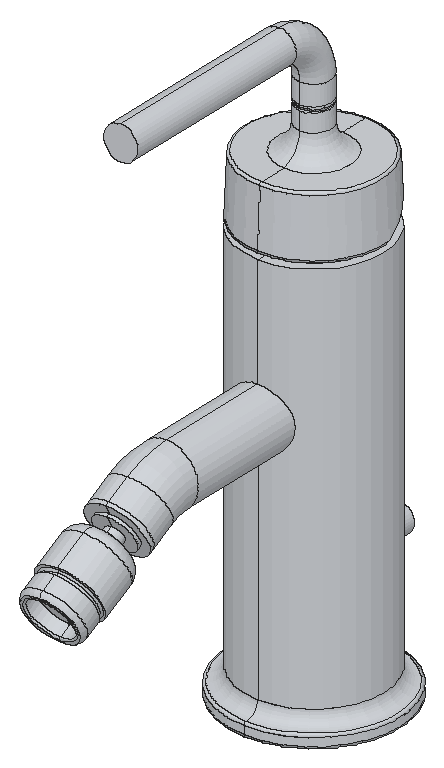
Revit family "Faucet-Bidet-KOHLER-Purist-K-14434BR", category Plumbing Fixtures, host Face, Revit 2017
Family settings
  Host = Face
  Round Connector Dimension = Use Diameter
  Part Type = Normal
  OmniClass Number = 23.31.11.00
  OmniClass Title = Faucets
  Cut with Voids When Loaded = No
  Shared = No
  Room Calculation Point = No
Parameters (values of type "CP-Polished Chrome")
  Width = 2 1/4"  # constant formula
  WaterSense Certified = 1 = 0  # no
  Waste Water Outlet = "Waste Water Outlet"  # constant formula
  Waste Connection = 1 = 0  # no
  Vent Connection = 1 = 0  # no
  URL = "https://br.kohler.com/"
  Type = 1
  Spout Reach = 4 1/4"  # constant formula
  Product Page URL = "https://br.kohler.com/product-detail/14434br-4a?skuid=K-14434BR-4A-CP"
  Product Name = "Purist"  # constant formula
  Product Documentation Link = ""
  Pressure = 0.00 psi
  Model = "K-14434BR-4A-CP"  # constant formula
  Material = "Premium Metal Construction"  # constant formula
  Master Format 2014 = "22.41.39"  # constant formula
  Master Format 2014 Name = "Residential Faucets, Supplies, and Trim"  # constant formula
  Manufacturer Address = "Rio de Janeiro MULTIREPAROS RUA BATISTA DA COSTA, Nº 352 | STORE B Rio de Janeiro SÃO GONÇALO\n24450-470"  # constant formula
  Manufacturer = "KOHLER Co."  # constant formula
  Length = Spout Reach  # 4 1/4"
  Hot Water Inlet = "Hot Water Inlet"  # constant formula
  Height = 8"  # constant formula
  Handle Clearance = 3 1/8"  # constant formula
  HW Connection = 1 = 1  # yes
  Flow Rate = 0 GPM
  Finish = Kohler-Metal-CP-Polished_Chrome
  Environmental Product Declaration = ""
  Drain Included = 1 = 1  # yes
  Description = "Bidet mixer tap"  # constant formula
  Default Elevation = 36"
  Declare Label = ""
  Date Modified = "09/15/2020"  # constant formula
  Date Created = "09/15/2020"  # constant formula
  Copyright = "Copyright KOHLER Co."  # constant formula
  Contact Us = "https://br.kohler.com/asr-listing"
  Cold Water Inlet = "Cold Water Inlet"  # constant formula
  CW Connection = 1 = 1  # yes
  Assembly Code = "D2010"
  ADA Compliant = 1 = 0  # no
Reference planes (in)
  plane 1 "Center (Front/Back)": y = 0
  plane 2: z = 0
  plane 3 "Center (Left/Right)": x = 0
  plane 4: y = -1.0625
  plane 5: y = 1.06195
  plane 6: x = -1.125
  plane 7: x = 1.125
  plane 8: z = 2.375
  plane 9: y = -4.25
  plane 10: z = 8
  plane 11: y = -3.125
  plane 12: y = 1.39
  plane 13: y = 1.125
  plane 14: y = -4.44219
  plane 15: z = 0.17048
  plane 16: x = -0.91003
  plane 17: x = 0.91003
  plane 18: z = 6.32845
  plane 19: y = -1.125
  plane 20: y = 0.91051
  plane 21: y = -0.91051
  plane 22: z = 3.199
  plane 23: z = 4.011
  plane 24: z = 5.45506
  plane 25: x = -0.33336
  plane 26: x = 0.33336
Dimensions and locks (in)
  "Width": plane 6 to plane 7
  "Length": plane 9 to plane 1 "Center (Front/Back)"
  level to plane 8 = 2 3/8"
  "Height": plane 10 to level
  "Handle Clearance": plane 1 "Center (Front/Back)" to plane 11
  "Spout Reach": plane 1 "Center (Front/Back)" to plane 9
  aligned and locked: plane 2 to host face
  aligned and locked: level to host face
Automatic sketch dimensions
  host sketch curve to host sketch curve = 96"  (x2)
Nested families (in)
  nested 1: "K-14434BR" at (0, 0, 0), type "K-14434BR"
Connectors (in)
  piping at (-0.33336, 0, 0), diameter 0.5, driven by "Flow Rate", driven by "Pressure", driven by "HW Connection", driven by "Hot Water Inlet"
    settings: on nested 1, index 1, connector inside diameter 24", connector length 0", flow factor 0, pipe flow 0 GPM, pressure drop 0.00 psi, fitting loss kfactor 0, connector angle 0.00°, fixture units 0, engagement length 0", angle of deflection 0.00°, flow configuration 0, flow direction 1, fitting loss method 0, system type 19, joint type 0, gender type 0, connector reference index -1, connector utility 1, adjustable connector no, is connector primary yes, connector description "Hot Water Inlet"
  piping at (0.33336, 0, 0), diameter 0.5, driven by "Cold Water Inlet", driven by "CW Connection", driven by "Flow Rate"
    settings: on nested 1, index 2, connector inside diameter 24", connector length 0", flow factor 0, pipe flow 0 GPM, pressure drop 0.00 psi, fitting loss kfactor 0, connector angle 0.00°, fixture units 0, engagement length 0", angle of deflection 0.00°, flow configuration 0, flow direction 1, fitting loss method 0, system type 20, joint type 0, gender type 0, connector reference index -1, connector utility 1, adjustable connector no, is connector primary no, connector description "Cold Water Inlet"
Definition of nested family "K-14434BR"
  Parameters (values of type "K-14434BR")
    Material = none
  Reference planes (in)
    plane 1 "Center (Front/Back)": y = 0
    plane 2: z = 0
    plane 3 "Center (Left/Right)": x = 0
    plane 4: y = 1.125
    plane 5: x = 1.125
    plane 6: x = -1.125
    plane 7: y = -1.125
    plane 8: y = -4.25
    plane 9: z = 2.375
    plane 10: z = 8
    plane 11: z = 2.70239
    plane 12: y = 1.39
    plane 13: y = -3.0625
    plane 14: x = -0.33336
    plane 15: y = 0.25
    plane 16: y = -0.25
    plane 17: x = 0.58336
    plane 18: x = 0.08336
    plane 19: x = -0.58336
    plane 20: x = -0.08336
  Forms (in)
    Revolve 1, solid, material <- "Material", detail levels medium+fine
      sketch origin (0, 0, 0) x (0, 1, 0) y (0, 0, 1)
        loop
          line (0, 5.785) -> (0, 0) -> (1.09375, 0)
          arc (1.09375, 0) -> (1.11585, 0.00915) -> (1.125, 0.03125) r 0.03125
          line (1.125, 0.03125) -> (1.125, 0.13874)
          arc (1.125, 0.13874) -> (1.11534, 0.16154) -> (1.09225, 0.17048) r 0.03176
          arc (1.09225, 0.17048) -> (0.96373, 0.22022) -> (0.91, 0.34712) r 0.17672
          line (0.91, 0.34712) -> (0.91, 5.455) -> (0.7776, 5.455)
          arc (0.7776, 5.455) -> (0.73342, 5.4733) -> (0.71512, 5.51747) r 0.06247
          line (0.71512, 5.51747) -> (0.71512, 5.77456) -> (0.68098, 5.785) -> (0, 5.785)
        axis (0, 5.785) -> (0, 0)
      angle from 0 to 360
    Revolve 2, solid, material <- "Material", detail levels medium+fine
      sketch origin (0, 0, 0) x (0, 1, 0) y (0, 0, 1)
        loop
          line (-0.88021, 5.52346) -> (0, 5.52346) -> (0, 6.95624) -> (-0.21977, 6.95624) -> (-0.21977, 6.92457)
          arc (-0.21977, 6.92457) -> (-0.21372, 6.90977) -> (-0.19903, 6.90346) r 0.02111
          arc (-0.19903, 6.90346) -> (-0.21348, 6.89779) -> (-0.21972, 6.88357) r 0.02034
          line (-0.21972, 6.88357) -> (-0.22473, 6.65683)
          arc (-0.22473, 6.65683) -> (-0.29611, 6.45225) -> (-0.47398, 6.32851) r 0.35115
          line (-0.47398, 6.32851) -> (-0.85016, 6.32851)
          arc (-0.85016, 6.32851) -> (-0.87263, 6.31943) -> (-0.88248, 6.2973) r 0.03234
          line (-0.88248, 6.2973) -> (-0.90848, 5.55274)
          arc (-0.90848, 5.55274) -> (-0.90056, 5.5321) -> (-0.88021, 5.52346) r 0.02829
        axis (0, 6.95624) -> (0, 5.52346)
      angle from 0 to 360
    Sweep 3, solid, material <- "Material", detail levels medium+fine
      path origin (0, 0.13592, 0) x (0, 1, 0) y (0, 0, 1)
        loop
          line (-0.13592, 6.95624) -> (-0.13592, 7.21886)
          arc (-0.13592, 7.21886) -> (-0.30067, 7.6166) -> (-0.69842, 7.78136) r 0.5625
          line (-0.69842, 7.78136) -> (-3.26092, 7.78136)
      profile origin (0, 0, 7.08755) x (0, -1, 0) y (1, 0, 0)
        loop
          circle (0, 0) r 0.21977
    Revolve 4, solid, material <- "Material", detail levels medium+fine
      sketch origin (0, 0, 0) x (0, 1, 0) y (0, 0, 1)
        loop
          line (0.18545, 1.453) -> (1.33993, 1.453)
          arc (1.33993, 1.453) -> (1.35285, 1.53104) -> (1.39, 1.60088) r 0.2446
          line (1.39, 1.60088) -> (1.39, 1.6405) -> (0.18545, 1.6405) -> (0.18545, 1.453)
        axis (1.39, 1.453) -> (0.18545, 1.453)
      angle from 0 to 360
    Revolve 5, solid, material <- "Material", detail levels medium+fine
      sketch origin (0, 0, 0) x (0, 1, 0) y (0, 0, 1)
        loop
          line (-4.09395, 2.83577) -> (-3.128, 3.33861) -> (-3.31547, 3.69874) -> (-3.36869, 3.67103) -> (-3.31109, 3.56038) -> (-3.35267, 3.53873) -> (-3.28004, 3.39922) -> (-3.36211, 3.3565) -> (-3.39926, 3.36808) -> (-3.41408, 3.39655) -> (-3.46133, 3.40068) -> (-3.48101, 3.4385)
          arc (-3.48101, 3.4385) -> (-3.59, 3.52996) -> (-3.73173, 3.51756) r 0.18589
          line (-3.73173, 3.51756) -> (-4.14873, 3.30048) -> (-4.13187, 3.26811) -> (-4.14037, 3.23284) -> (-4.18183, 3.20381) -> (-4.19751, 3.23394) -> (-4.38263, 3.13757)
          arc (-4.38263, 3.13757) -> (-4.41838, 3.10972) -> (-4.44187, 3.07096) r 0.1252
          line (-4.44187, 3.07096) -> (-4.42501, 3.03859)
          arc (-4.42501, 3.03859) -> (-4.41291, 3.02843) -> (-4.39718, 3.02981) r 0.02064
          line (-4.39718, 3.02981) -> (-4.23808, 3.11263) -> (-4.09395, 2.83577)
        axis (-3.128, 3.33861) -> (-4.27136, 2.74342)
      angle from 0 to 360
    Sweep 6, solid, material <- "Material", detail levels medium+fine
      path origin (0, 0, 0) x (0, 1, 0) y (0, 0, 1)
        loop
          line (-0.725, 3.605) -> (-2.38622, 3.605)
          arc (-2.38622, 3.605) -> (-2.60968, 3.57806) -> (-2.82033, 3.49877) r 0.94015
          line (-2.82033, 3.49877) -> (-3.128, 3.33861)
      profile origin (0, -2.97416, 3.41869) x (0, -0.461749, 0.887011) y (1, 0, 0)
        loop
          circle (0, 0) r 0.406
    Revolve 7, solid, material <- "Material", detail levels medium+fine
      sketch origin (0, 0, 0) x (0, 1, 0) y (0, 0, 1)
        loop
          line (0.49373, 6.10346) -> (0.91478, 6.10346)
          arc (0.91478, 6.10346) -> (0.91055, 6.18051) -> (0.89778, 6.25661) r 0.69394
          arc (0.89778, 6.25661) -> (0.87367, 6.27379) -> (0.85394, 6.25173) r 0.02219
          line (0.85394, 6.25173) -> (0.85394, 6.21276) -> (0.49373, 6.21276) -> (0.49373, 6.10346)
        axis (0.91478, 6.10346) -> (0.49373, 6.10346)
      angle from 0 to 360
    Extrusion 8, void
      sketch origin (0, 0, 0) x (1, 0, 0) y (0, 0, 1)
        loop
          circle (0.00004, 6.10377) r 0.18133
        loop
          line (0.203, 1.45135) -> (0.203, 3.17132)
          arc (0.203, 3.17132) -> (0, 3.37432) -> (-0.203, 3.17132) r 0.203
          line (-0.203, 3.17132) -> (-0.203, 1.45135)
          arc (-0.203, 1.45135) -> (0, 1.24835) -> (0.203, 1.45135) r 0.203
      from -0.97642 to -0.4265
    Extrusion 9, void
      sketch origin (0, 0, 0) x (0, 1, 0) y (0, 0, 1)
        loop
          line (0.95087, 5.81346) -> (0.68334, 5.81346)
          arc (0.68334, 5.81346) -> (0.65205, 5.81018) -> (0.62213, 5.80045) r 0.15048
          line (0.62213, 5.80045) -> (-0.15377, 5.455) -> (0.95087, 5.455) -> (0.95087, 5.81346)
      from -1.1027 to 0.96308
    Revolve 10, solid, material <- "Material", detail levels coarse
      sketch origin (0, 0, 0) x (0, 1, 0) y (0, 0, 1)
        loop
          line (0, 6.32851) -> (0, 0) -> (1.125, 0) -> (1.125, 0.17054) -> (0.91, 0.17054) -> (0.91, 6.32851) -> (0, 6.32851)
        axis (0, 6.32851) -> (0, 0)
      angle from 0 to 360
    Revolve 11, solid, material <- "Material", detail levels coarse
      sketch origin (0, 0, 0) x (0, 1, 0) y (0, 0, 1)
        loop
          line (1.39, 1.453) -> (1.39, 1.6405) -> (0.56041, 1.6405) -> (0.56041, 1.453) -> (1.39, 1.453)
        axis (1.39, 1.453) -> (0.56041, 1.453)
      angle from 0 to 360
    Sweep 12, solid, material <- "Material", detail levels coarse
      path origin (0, 0, 0) x (0, 1, 0) y (0, 0, 1)
        loop
          line (-4.27136, 2.74342) -> (-2.88098, 3.4672)
          arc (-2.88098, 3.4672) -> (-2.62349, 3.56411) -> (-2.35036, 3.59704) r 1.14915
          line (-2.35036, 3.59704) -> (-0.49203, 3.59704)
      profile origin (0, -2.35036, 3.59704) x (0, 0, -1) y (1, 0, 0)
        loop
          circle (0, 0) r 0.40592
    Sweep 13, solid, material <- "Material", detail levels coarse
      path origin (0, 0, 0) x (0, 1, 0) y (0, 0, 1)
        loop
          line (-3.11408, 7.78023) -> (0, 7.78023) -> (0, 6.32851)
      profile origin (0, -1.55704, 7.78023) x (0, 0, 1) y (1, 0, 0)
        loop
          circle (0, 0) r 0.21987
    Extrusion 14, solid, material <- "Material", detail levels medium+fine
      sketch origin (0, 0, 0) x (1, 0, 0) y (0, 1, 0)
        loop
          circle (-0.33336, 0) r 0.25
        loop
          circle (0.33336, 0) r 0.25
      from 0 to 0.03848
  Cuts and joins
    Extrusion 8 cuts Revolve 1
    Extrusion 8, Extrusion 9 cuts Revolve 2
    joined: Revolve 1, Revolve 2, Sweep 3, Revolve 4, Revolve 5, Sweep 6, Revolve 7
    joined: Revolve 10, Revolve 11, Sweep 12, Sweep 13
  Lines and regions (in)
    Masking region 1
      outline origin (0, 0, 0) x (0, 1, 0) y (0, 0, 1)
        loop
          arc (-1.125, 0.03131) -> (-1.11585, 0.00921) -> (-1.09375, 0.00006) r 0.03125
          line (-1.09375, 0.00006) -> (1.09375, 0.00006)
          arc (1.09375, 0.00006) -> (1.11585, 0.00921) -> (1.125, 0.03131) r 0.03125
          line (1.125, 0.03131) -> (1.125, 0.1388)
          arc (1.125, 0.1388) -> (1.11534, 0.1616) -> (1.09225, 0.17054) r 0.03176
          arc (1.09225, 0.17054) -> (0.96373, 0.22028) -> (0.91, 0.34718) r 0.17672
          line (0.91, 0.34718) -> (0.91, 1.2655) -> (1.39, 1.2655) -> (1.39, 1.6405) -> (0.88707, 1.6405) -> (0.88707, 3.17132)
          arc (0.88707, 3.17132) -> (0.89282, 3.27344) -> (0.91, 3.37426) r 0.9095
          line (0.91, 3.37426) -> (0.91, 5.45506) -> (0.7776, 5.45506)
          arc (0.7776, 5.45506) -> (0.73342, 5.47336) -> (0.71512, 5.51754) r 0.06247
          line (0.71512, 5.51754) -> (0.71512, 5.77462) -> (0.68098, 5.78506) -> (0.58755, 5.78506) -> (0.62213, 5.80045)
          arc (0.62213, 5.80045) -> (0.65205, 5.81018) -> (0.68334, 5.81346) r 0.15048
          line (0.68334, 5.81346) -> (0.89938, 5.81346) -> (0.89506, 5.93712)
          arc (0.89506, 5.93712) -> (0.89838, 5.95214) -> (0.90138, 5.96723) r 0.73586
          arc (0.90138, 5.96723) -> (0.91404, 6.0984) -> (0.90311, 6.22973) r 0.73586
          arc (0.90311, 6.22973) -> (0.89637, 6.24828) -> (0.88367, 6.26339) r 0.05649
          line (0.88367, 6.26339) -> (0.88248, 6.2973)
          arc (0.88248, 6.2973) -> (0.87263, 6.31943) -> (0.85016, 6.32851) r 0.03234
          line (0.85016, 6.32851) -> (0.47398, 6.32851)
          arc (0.47398, 6.32851) -> (0.29611, 6.45225) -> (0.22473, 6.65683) r 0.35115
          line (0.22473, 6.65683) -> (0.21972, 6.88357)
          arc (0.21972, 6.88357) -> (0.21348, 6.89779) -> (0.19903, 6.90346) r 0.02034
          arc (0.19903, 6.90346) -> (0.21372, 6.90977) -> (0.21977, 6.92457) r 0.02111
          line (0.21977, 6.92457) -> (0.21977, 7.21676)
          arc (0.21977, 7.21676) -> (-0.00963, 7.77059) -> (-0.56347, 8) r 0.78324
          line (-0.56347, 8) -> (-3.125, 8) -> (-3.125, 7.56045) -> (-0.55841, 7.56045)
          arc (-0.55841, 7.56045) -> (-0.31896, 7.46127) -> (-0.21977, 7.22182) r 0.33864
          line (-0.21977, 7.22182) -> (-0.21977, 6.92457)
          arc (-0.21977, 6.92457) -> (-0.21372, 6.90977) -> (-0.19903, 6.90346) r 0.02111
          arc (-0.19903, 6.90346) -> (-0.21348, 6.89779) -> (-0.21972, 6.88357) r 0.02034
          line (-0.21972, 6.88357) -> (-0.22473, 6.65683)
          arc (-0.22473, 6.65683) -> (-0.29611, 6.45225) -> (-0.47398, 6.32851) r 0.35115
          line (-0.47398, 6.32851) -> (-0.85016, 6.32851)
          arc (-0.85016, 6.32851) -> (-0.87263, 6.31943) -> (-0.88248, 6.2973) r 0.03234
          line (-0.88248, 6.2973) -> (-0.90848, 5.55274)
          arc (-0.90848, 5.55274) -> (-0.90056, 5.5321) -> (-0.88021, 5.52346) r 0.02829
          line (-0.88021, 5.52346) -> (-0.71541, 5.52346)
          arc (-0.71541, 5.52346) -> (-0.73137, 5.47551) -> (-0.7776, 5.45506) r 0.06247
          line (-0.7776, 5.45506) -> (-0.91, 5.45506) -> (-0.91, 4.011) -> (-2.39174, 4.011)
          arc (-2.39174, 4.011) -> (-2.70633, 3.97307) -> (-3.0029, 3.86145) r 1.32357
          line (-3.0029, 3.86145) -> (-3.36869, 3.67103) -> (-3.31109, 3.56038) -> (-3.35267, 3.53873) -> (-3.28004, 3.39922) -> (-3.36211, 3.3565) -> (-3.39926, 3.36808) -> (-3.41408, 3.39655) -> (-3.46133, 3.40068) -> (-3.48101, 3.4385)
          arc (-3.48101, 3.4385) -> (-3.59, 3.52996) -> (-3.73173, 3.51756) r 0.18589
          line (-3.73173, 3.51756) -> (-4.14873, 3.30048) -> (-4.13187, 3.26811) -> (-4.14037, 3.23284) -> (-4.18183, 3.20381) -> (-4.19751, 3.23394) -> (-4.38263, 3.13757)
          arc (-4.38263, 3.13757) -> (-4.41838, 3.10972) -> (-4.44187, 3.07096) r 0.1252
          line (-4.44187, 3.07096) -> (-4.26293, 2.72723) -> (-4.10085, 2.41587)
          arc (-4.10085, 2.41587) -> (-4.05563, 2.41288) -> (-4.01231, 2.42619) r 0.1252
          line (-4.01231, 2.42619) -> (-3.82719, 2.52255) -> (-3.84287, 2.55268) -> (-3.79531, 2.56999) -> (-3.76155, 2.55672) -> (-3.7447, 2.52435) -> (-3.3277, 2.74142)
          arc (-3.3277, 2.74142) -> (-3.23625, 2.85041) -> (-3.24865, 2.99214) r 0.18589
          line (-3.24865, 2.99214) -> (-3.26834, 3.02996) -> (-3.24462, 3.07103) -> (-3.25945, 3.0995) -> (-3.24762, 3.13658) -> (-3.16556, 3.1793) -> (-3.09293, 3.03979) -> (-3.05135, 3.06143) -> (-2.99375, 2.95078) -> (-2.63254, 3.13881)
          arc (-2.63254, 3.13881) -> (-2.51319, 3.18373) -> (-2.38658, 3.199) r 0.53267
          line (-2.38658, 3.199) -> (-0.91, 3.199) -> (-0.91, 0.34718)
          arc (-0.91, 0.34718) -> (-0.96373, 0.22028) -> (-1.09225, 0.17054) r 0.17672
          arc (-1.09225, 0.17054) -> (-1.11534, 0.1616) -> (-1.125, 0.1388) r 0.03176
          line (-1.125, 0.1388) -> (-1.125, 0.03131)
    Masking region 2
      outline origin (0, 0, 0) x (1, 0, 0) y (0, 0, 1)
        loop
          line (1.125, 0.03125) -> (1.125, 0.13874)
          arc (1.125, 0.13874) -> (1.11534, 0.16154) -> (1.09225, 0.17048) r 0.03176
          arc (1.09225, 0.17048) -> (0.96373, 0.22022) -> (0.91, 0.34712) r 0.17672
          line (0.91, 0.34712) -> (0.91, 3.94347) -> (0.91, 5.455) -> (0.77746, 5.455)
          arc (0.77746, 5.455) -> (0.73123, 5.47545) -> (0.71526, 5.5234) r 0.06247
          line (0.71526, 5.5234) -> (0.88007, 5.5234)
          arc (0.88007, 5.5234) -> (0.90042, 5.53204) -> (0.90834, 5.55268) r 0.02829
          line (0.90834, 5.55268) -> (0.88234, 6.29724)
          arc (0.88234, 6.29724) -> (0.87249, 6.31937) -> (0.85002, 6.32845) r 0.03234
          line (0.85002, 6.32845) -> (0.47384, 6.32845)
          arc (0.47384, 6.32845) -> (0.29597, 6.45219) -> (0.22459, 6.65677) r 0.35115
          line (0.22459, 6.65677) -> (0.21958, 6.88351)
          arc (0.21958, 6.88351) -> (0.21334, 6.89773) -> (0.19889, 6.9034) r 0.02034
          arc (0.19889, 6.9034) -> (0.21363, 6.90977) -> (0.21969, 6.92457) r 0.02111
          line (0.21969, 6.92457) -> (0.21969, 7.78166)
          arc (0.21969, 7.78166) -> (0.16378, 7.92811) -> (0.02452, 8.00005) r 0.21977
          line (0.02452, 8.00005) -> (-0.02469, 8.00005)
          arc (-0.02469, 8.00005) -> (-0.16396, 7.92811) -> (-0.21986, 7.78166) r 0.21977
          line (-0.21986, 7.78166) -> (-0.21986, 6.92457)
          arc (-0.21986, 6.92457) -> (-0.2138, 6.90977) -> (-0.19911, 6.90345) r 0.02111
          arc (-0.19911, 6.90345) -> (-0.21362, 6.89773) -> (-0.21986, 6.88351) r 0.02034
          line (-0.21986, 6.88351) -> (-0.22487, 6.65677)
          arc (-0.22487, 6.65677) -> (-0.29625, 6.45219) -> (-0.47412, 6.32845) r 0.35115
          line (-0.47412, 6.32845) -> (-0.8503, 6.32845)
          arc (-0.8503, 6.32845) -> (-0.87277, 6.31937) -> (-0.88262, 6.29724) r 0.03234
          line (-0.88262, 6.29724) -> (-0.90862, 5.55269)
          arc (-0.90862, 5.55269) -> (-0.90042, 5.53204) -> (-0.88007, 5.5234) r 0.02829
          line (-0.88007, 5.5234) -> (-0.71555, 5.5234)
          arc (-0.71555, 5.5234) -> (-0.73151, 5.47545) -> (-0.77774, 5.455) r 0.06247
          line (-0.77774, 5.455) -> (-0.91, 5.455) -> (-0.91, 1.1543) -> (-0.91, 0.34712)
          arc (-0.91, 0.34712) -> (-0.96373, 0.22022) -> (-1.09225, 0.17048) r 0.17672
          arc (-1.09225, 0.17048) -> (-1.11534, 0.16154) -> (-1.125, 0.13874) r 0.03176
          line (-1.125, 0.13874) -> (-1.125, 0.03125)
          arc (-1.125, 0.03125) -> (-1.11585, 0.00915) -> (-1.09375, 0) r 0.03125
          line (-1.09375, 0) -> (1.09375, 0)
          arc (1.09375, 0) -> (1.11585, 0.00915) -> (1.125, 0.03125) r 0.03125
    Masking region 3
      outline origin (0, 0, 0) x (1, 0, 0) y (0, 1, 0)
        loop
          arc (-1.125, -0.08913) -> (-0.90458, -0.67477) -> (-0.40605, -1.05295) r 1.12853
          line (-0.40605, -1.05295) -> (-0.40605, -3.17924)
          arc (-0.40605, -3.17924) -> (-0.3997, -3.21413) -> (-0.38148, -3.24457) r 0.09915
          arc (-0.38148, -3.24457) -> (-0.34545, -3.27857) -> (-0.30363, -3.30513) r 0.26069
          arc (-0.30363, -3.30513) -> (-0.34823, -3.33951) -> (-0.38633, -3.38098) r 0.3294
          arc (-0.38633, -3.38098) -> (-0.42437, -3.45179) -> (-0.43752, -3.53109) r 0.24565
          line (-0.43752, -3.53109) -> (-0.43752, -3.94545)
          arc (-0.43752, -3.94545) -> (-0.42802, -3.99033) -> (-0.40114, -4.0275) r 0.1107
          line (-0.40114, -4.0275) -> (-0.40114, -4.19399)
          arc (-0.40114, -4.19399) -> (-0.38644, -4.26874) -> (-0.34453, -4.33235) r 0.19736
          arc (-0.34453, -4.33235) -> (-0.28009, -4.38215) -> (-0.20464, -4.4128) r 0.30031
          arc (-0.20464, -4.4128) -> (-0.10311, -4.43291) -> (0, -4.44187) r 0.95134
          arc (0, -4.44187) -> (0.10311, -4.43291) -> (0.20464, -4.4128) r 0.95134
          arc (0.20464, -4.4128) -> (0.28009, -4.38215) -> (0.34453, -4.33235) r 0.30031
          arc (0.34453, -4.33235) -> (0.38644, -4.26874) -> (0.40114, -4.19399) r 0.19736
          line (0.40114, -4.19399) -> (0.40114, -4.0275)
          arc (0.40114, -4.0275) -> (0.42802, -3.99033) -> (0.43752, -3.94545) r 0.1107
          line (0.43752, -3.94545) -> (0.43752, -3.53109)
          arc (0.43752, -3.53109) -> (0.42437, -3.45179) -> (0.38633, -3.38098) r 0.24565
          arc (0.38633, -3.38098) -> (0.34823, -3.33951) -> (0.30363, -3.30513) r 0.3294
          arc (0.30363, -3.30513) -> (0.34545, -3.27857) -> (0.38148, -3.24457) r 0.26069
          arc (0.38148, -3.24457) -> (0.3997, -3.21413) -> (0.40605, -3.17924) r 0.09915
          line (0.40605, -3.17924) -> (0.40605, -1.05295)
          arc (0.40605, -1.05295) -> (0.90458, -0.67477) -> (1.125, -0.08913) r 1.12853
          line (1.125, -0.08913) -> (1.125, 0.08913)
          arc (1.125, 0.08913) -> (0.83226, 0.76218) -> (0.1875, 1.11284) r 1.12853
          line (0.1875, 1.11284) -> (0.1875, 1.39) -> (-0.1875, 1.39) -> (-0.1875, 1.11284)
          arc (-0.1875, 1.11284) -> (-0.83226, 0.76218) -> (-1.125, 0.08913) r 1.12853
          line (-1.125, 0.08913) -> (-1.125, -0.08913)
    symbolic lines, detail levels medium+fine
      curve 1: line (-0.1875, 1.11284, 0) -> (-0.1875, 0.89047, 0)
      curve 2: line (0.1875, 1.11284, 0) -> (0.1875, 0.89047, 0)
      curve 3: line (-0.40605, -1.05295, 0) -> (-0.40605, -0.81439, 0)
      curve 4: line (0.40605, -1.05295, 0) -> (0.40605, -0.81439, 0)
      curve 5: arc (-0.30363, -3.30513, 0) -> (0, -3.36869, 0) -> (0.30363, -3.30513, 0) r 0.75703
      curve 6: arc (-0.23466, -4.11691, 0) -> (-0.00044, -4.14987, 0) -> (0.23378, -4.11691, 0) r 0.84883
      curve 7: arc (-0.24661, -4.15852, 0) -> (-0.00044, -4.19751, 0) -> (0.24572, -4.15852, 0) r 0.79654
      curve 8: arc (-0.21064, -4.15083, 0) -> (0.00132, -4.18172, 0) -> (0.21329, -4.15083, 0) r 0.74251
      curve 9: arc (-0.40114, -4.0275, 0) -> (-0.32269, -4.08112, 0) -> (-0.23466, -4.11691, 0) r 0.4463
      curve 10: arc (0.23378, -4.11691, 0) -> (0.3222, -4.08107, 0) -> (0.40114, -4.0275, 0) r 0.45278
      curve 11: arc (0.21329, -4.15083, 0) -> (0.2845, -4.11856, 0) -> (0.34444, -4.06837, 0) r 0.28854
      curve 12: arc (0.24572, -4.15852, 0) -> (0.30748, -4.1312, 0) -> (0.3624, -4.09189, 0) r 0.33062
      curve 13: arc (0.3624, -4.09189, 0) -> (0.38674, -4.06268, 0) -> (0.40114, -4.0275, 0) r 0.12482
      curve 14: arc (-0.35669, -4.09719, 0) -> (-0.30464, -4.13321, 0) -> (-0.24661, -4.15852, 0) r 0.32666
      curve 15: arc (-0.40114, -4.0275, 0) -> (-0.3842, -4.06571, 0) -> (-0.35669, -4.09719, 0) r 0.13956
      curve 16: arc (-0.34703, -4.06704, 0) -> (-0.28434, -4.1179, 0) -> (-0.21064, -4.15083, 0) r 0.3097
      curve 17: line (-0.21977, -3.125, 0) -> (-0.21977, 0.00095, 0)
      curve 18: line (-0.21977, -3.125, 0) -> (0.21977, -3.125, 0)
      curve 19: line (0.21977, -3.125, 0) -> (0.21977, 0.00095, 0)
      curve 20: arc (0.21977, -0.84262, 0) -> (0, 0.87081, 0) -> (-0.21977, -0.84262, 0) r 0.87081
      curve 21: arc (-0.15353, 0.89696, 0) -> (0, 0.91567, 0) -> (0.15353, 0.89696, 0) r 0.63921
      curve 22: arc (-0.17065, 0.87461, 0) -> (-0.16601, 0.88878, 0) -> (-0.15353, 0.89696, 0) r 0.02254
      curve 23: arc (0.15353, 0.89696, 0) -> (0.16615, 0.88877, 0) -> (0.17103, 0.87454, 0) r 0.02304
      curve 24: spline (0.17103, 0.87454, 0) -> (0.16396, 0.87569, 0) -> (0.15516, 0.87679, 0) -> (0.14472, 0.87783, 0) -> (0.13277, 0.87879, 0) -> (0.11941, 0.87968, 0) -> (0.1048, 0.88047, 0) -> (0.08908, 0.88116, 0) -> (0.07243, 0.88175, 0) -> (0.055, 0.88222, 0) -> (0.037, 0.88257, 0) -> (0.0186, 0.8828, 0) -> (0, 0.88291, 0)
      curve 25: spline (-0.17065, 0.87461, 0) -> (-0.16351, 0.87575, 0) -> (-0.15467, 0.87684, 0) -> (-0.14421, 0.87787, 0) -> (-0.13225, 0.87883, 0) -> (-0.11891, 0.87971, 0) -> (-0.10434, 0.88049, 0) -> (-0.08867, 0.88118, 0) -> (-0.07208, 0.88176, 0) -> (-0.05473, 0.88223, 0) -> (-0.03681, 0.88258, 0) -> (-0.01851, 0.88281, 0) -> (0, 0.88291, 0)
      curve 26: arc (-0.15353, 0.89696, 0) -> (-0.90937, 0.03384, 0) -> (-0.21977, -0.88306, 0) r 0.91
      curve 27: arc (-0.21977, 0.00095, 0) -> (0, 0.22073, 0) -> (0.21977, 0.00095, 0) r 0.21977
      curve 28: arc (0.21977, -0.41856, 0) -> (0, 0.47275, 0) -> (-0.21977, -0.41856, 0) r 0.47275
      curve 29: arc (0.21977, -0.88306, 0) -> (0.90937, 0.03384, 0) -> (0.15353, 0.89696, 0) r 0.91
      curve 30: spline (-0.17941, -3.34712, 0) -> (-0.16618, -3.36528, 0) -> (-0.14445, -3.3816, 0) -> (-0.11534, -3.39525, 0) -> (-0.08033, -3.40553, 0) -> (-0.04122, -3.41191, 0) -> (0, -3.41408, 0) -> (0.04122, -3.41191, 0) -> (0.08033, -3.40553, 0) -> (0.11534, -3.39525, 0) -> (0.14445, -3.3816, 0) -> (0.16618, -3.36528, 0) -> (0.17941, -3.34712, 0)
      curve 31: spline (-0.14035, -3.35557, 0) -> (-0.12646, -3.36779, 0) -> (-0.10764, -3.37851, 0) -> (-0.08463, -3.38731, 0) -> (-0.05832, -3.39386, 0) -> (-0.02974, -3.3979, 0) -> (0, -3.39926, 0) -> (0.02974, -3.3979, 0) -> (0.05832, -3.39386, 0) -> (0.08463, -3.38731, 0) -> (0.10764, -3.37851, 0) -> (0.12646, -3.36779, 0) -> (0.14035, -3.35557, 0)
      curve 32: spline (-0.20255, -3.34109, 0) -> (-0.20866, -3.3701, 0) -> (-0.19573, -3.39863, 0) -> (-0.16495, -3.42408, 0) -> (-0.11911, -3.44412, 0) -> (-0.0624, -3.45692, 0) -> (0, -3.46133, 0) -> (0.0624, -3.45692, 0) -> (0.11911, -3.44412, 0) -> (0.16495, -3.42408, 0) -> (0.19573, -3.39863, 0) -> (0.20866, -3.3701, 0) -> (0.20255, -3.34109, 0)
      curve 33: line (0, -0.12176, 5.52346) -> (0, -0.71541, 5.52346)
      curve 34: line (0, 0.11123, 5.57299) -> (0, 0.58755, 5.78506)
      curve 35: arc (0, -0.12176, 5.52346) -> (0, -0.00266, 5.53598) -> (0, 0.11123, 5.57299) r 0.57281
      curve 36: line (0, 0.7776, 5.45506) -> (0, -0.7776, 5.45506)
      curve 37: line (0, 0.71512, 5.77456) -> (0, 0.56397, 5.77456)
      curve 38: spline (0, 0.87055, 6.10388) -> (0, 0.87375, 6.08033) -> (0, 0.8769, 6.05718) -> (0, 0.87995, 6.03481) -> (0, 0.88284, 6.01361) -> (0, 0.88554, 5.99394) -> (0, 0.88799, 5.97612) -> (0, 0.89016, 5.96046) -> (0, 0.892, 5.94722) -> (0, 0.89349, 5.93663) -> (0, 0.89459, 5.92887) -> (0, 0.8953, 5.92407) -> (0, 0.89559, 5.92231)
      curve 39: arc (0, 0.88367, 6.26339) -> (0, 0.86843, 6.18435) -> (0, 0.87055, 6.10388) r 0.37205
      curve 40: line (0, 0.88707, 1.6405) -> (0, 0.88707, 1.45135)
      curve 41: arc (0, 0.88707, 1.45135) -> (0, 0.89282, 1.35772) -> (0, 0.91, 1.2655) r 0.76459
      curve 42: line (0, 1.09225, 0.17054) -> (0, -1.09225, 0.17054)
      curve 43: line (0, -0.91, 4.011) -> (0, -0.91, 3.199)
      curve 44: line (0, -3.31109, 3.56038) -> (0, -3.05135, 3.06143)
      curve 45: line (0, -3.28004, 3.39922) -> (0, -3.16556, 3.1793)
      curve 46: line (0, -3.36211, 3.3565) -> (0, -3.24762, 3.13658)
      curve 47: line (0, -3.39926, 3.36808) -> (0, -3.25945, 3.0995)
      curve 48: line (0, -3.46133, 3.40068) -> (0, -3.26834, 3.02996)
      curve 49: line (0, -4.13187, 3.26811) -> (0, -3.76155, 2.55672)
      curve 50: line (0, -4.14037, 3.23284) -> (0, -3.79531, 2.56999)
      curve 51: line (0, -4.18183, 3.20381) -> (0, -3.84287, 2.55268)
      curve 53: line (-0.71479, 0, 5.52347) -> (0.71526, 0, 5.5234)
      curve 54: line (-0.77774, 0, 5.455) -> (0.77746, 0, 5.455)
      curve 55: line (-0.47412, 0, 6.32845) -> (0.47384, 0, 6.32845)
      curve 56: line (-1.09225, 0, 0.17048) -> (1.09225, 0, 0.17048)
      curve 57: line (-0.40649, 0, 3.31382) -> (-0.40649, 0, 3.59848)
      curve 58: line (-0.438, 0, 2.92793) -> (-0.438, 0, 3.13413)
      curve 59: arc (-0.438, 0, 3.13413) -> (-0.42952, 0, 3.21008) -> (-0.40451, 0, 3.2823) r 0.3446
      curve 60: arc (-0.40451, 0, 3.2823) -> (-0.40599, 0, 3.29803) -> (-0.40649, 0, 3.31382) r 0.25274
      curve 61: arc (-0.40649, 0, 3.59848) -> (-0.39128, 0, 3.71145) -> (-0.34673, 0, 3.81637) r 0.42713
      curve 62: arc (-0.39946, 0, 2.75324) -> (-0.42825, 0, 2.83848) -> (-0.438, 0, 2.92793) r 0.41517
      curve 63: arc (-0.29536, 0, 2.52882) -> (-0.03183, 0, 2.41257) -> (0.24563, 0, 2.48985) r 0.42758
      curve 64: arc (-0.39946, 0, 2.75324) -> (-0.36885, 0, 2.63108) -> (-0.29536, 0, 2.52882) r 0.33554
      curve 65: line (0.40649, 0, 3.31382) -> (0.40649, 0, 3.59848)
      curve 66: line (0.438, 0, 2.92793) -> (0.438, 0, 3.13413)
      curve 67: arc (0.438, 0, 3.13413) -> (0.42952, 0, 3.21008) -> (0.40451, 0, 3.2823) r 0.3446
      curve 68: arc (0.40451, 0, 3.2823) -> (0.40599, 0, 3.29803) -> (0.40649, 0, 3.31382) r 0.25274
      curve 69: arc (0.40649, 0, 3.59848) -> (0.39128, 0, 3.71145) -> (0.34673, 0, 3.81637) r 0.42713
      curve 70: arc (0.39946, 0, 2.75324) -> (0.42825, 0, 2.83848) -> (0.438, 0, 2.92793) r 0.41517
      curve 71: arc (0.39946, 0, 2.75324) -> (0.3542, 0, 2.60306) -> (0.24563, 0, 2.48985) r 0.33554
      curve 72: arc (-0.34673, 0, 3.81637) -> (0, 0, 4.01385) -> (0.34673, 0, 3.81637) r 0.40313
      curve 73: spline (-0.40468, 0, 3.28188) -> (-0.39834, 0, 3.38052) -> (-0.36202, 0, 3.47393) -> (-0.29844, 0, 3.55506) -> (-0.2124, 0, 3.61782) -> (-0.11037, 0, 3.65747) -> (-0.00004, 0, 3.67103) -> (0.1103, 0, 3.65749) -> (0.21234, 0, 3.61785) -> (0.29839, 0, 3.55511) -> (0.36198, 0, 3.47399) -> (0.39833, 0, 3.38059) -> (0.40469, 0, 3.28194)
      curve 74: spline (-0.43745, 0, 2.90666) -> (-0.42409, 0, 3.00775) -> (-0.38156, 0, 3.10228) -> (-0.31278, 0, 3.18375) -> (-0.22248, 0, 3.24656) -> (-0.11688, 0, 3.28638) -> (-0.00324, 0, 3.30047) -> (0.11062, 0, 3.28787) -> (0.21688, 0, 3.24945) -> (0.30821, 0, 3.18784) -> (0.37834, 0, 3.10728) -> (0.42245, 0, 3.01332) -> (0.4375, 0, 2.91242)
      curve 75: spline (-0.39946, 0, 2.88123) -> (-0.39495, 0, 2.97399) -> (-0.36352, 0, 3.06256) -> (-0.30732, 0, 3.1409) -> (-0.23018, 0, 3.20367) -> (-0.13735, 0, 3.24659) -> (-0.03516, 0, 3.26674) -> (0.06942, 0, 3.26274) -> (0.16928, 0, 3.23486) -> (0.25759, 0, 3.18501) -> (0.32836, 0, 3.11659) -> (0.37674, 0, 3.03425) -> (0.39946, 0, 2.94361)
      curve 76: spline (-0.36927, 0, 2.74342) -> (-0.35669, 0, 2.82819) -> (-0.3198, 0, 2.90719) -> (-0.26111, 0, 2.97502) -> (-0.18463, 0, 3.02708) -> (-0.09557, 0, 3.0598) -> (0, 0, 3.07096) -> (0.09557, 0, 3.0598) -> (0.18463, 0, 3.02708) -> (0.26111, 0, 2.97502) -> (0.3198, 0, 2.90719) -> (0.35669, 0, 2.82819) -> (0.36927, 0, 2.74342) -> (0.35669, 0, 2.65864) -> (0.3198, 0, 2.57964) -> (0.26111, 0, 2.51181) -> (0.18463, 0, 2.45975) -> (0.09557, 0, 2.42703) -> (0, 0, 2.41587) -> (-0.09557, 0, 2.42703) -> (-0.18463, 0, 2.45975) -> (-0.26111, 0, 2.51181) -> (-0.3198, 0, 2.57964) -> (-0.35669, 0, 2.65864) -> (-0.36927, 0, 2.74342)
      curve 77: spline (-0.39946, 0, 2.90944) -> (-0.37871, 0, 2.99518) -> (-0.33495, 0, 3.07381) -> (-0.27083, 0, 3.14055) -> (-0.19025, 0, 3.19136) -> (-0.09811, 0, 3.22313) -> (0, 0, 3.23394) -> (0.09811, 0, 3.22313) -> (0.19025, 0, 3.19136) -> (0.27083, 0, 3.14055) -> (0.33495, 0, 3.07381) -> (0.37871, 0, 2.99518) -> (0.39946, 0, 2.90944)
      curve 78: spline (-0.17946, 0, 3.50299) -> (-0.15297, 0, 3.52025) -> (-0.12438, 0, 3.53465) -> (-0.0941, 0, 3.546) -> (-0.06252, 0, 3.55413) -> (-0.0301, 0, 3.55894) -> (0.00274, 0, 3.56036) -> (0.03554, 0, 3.55838) -> (0.06786, 0, 3.55301) -> (0.09924, 0, 3.54433) -> (0.12927, 0, 3.53246) -> (0.15754, 0, 3.51757) -> (0.18365, 0, 3.49985)
      curve 79: arc (-0.30179, 0, 3.42742) -> (-0.00157, 0, 3.53873) -> (0.29866, 0, 3.42742) r 0.46053
      curve 80: arc (-0.40451, 0, 3.2823) -> (-0.36208, 0, 3.36118) -> (-0.30179, 0, 3.42742) r 0.36691
      curve 81: arc (0.29866, 0, 3.42742) -> (0.36011, 0, 3.36083) -> (0.40469, 0, 3.28194) r 0.39328
      curve 82: line (-0.39946, 0, 2.75324) -> (-0.39946, 0, 2.88123)
      curve 83: line (0.39946, 0, 2.75324) -> (0.39946, 0, 2.94361)
      curve 84: spline (0.30953, 0, 2.79081) -> (0.29034, 0, 2.72485) -> (0.2538, 0, 2.66495) -> (0.2021, 0, 2.61471) -> (0.13839, 0, 2.57718) -> (0.06649, 0, 2.55462) -> (-0.00924, 0, 2.54839) -> (-0.08425, 0, 2.55887) -> (-0.15399, 0, 2.58542) -> (-0.21427, 0, 2.62644) -> (-0.26143, 0, 2.67946) -> (-0.29264, 0, 2.74127) -> (-0.30602, 0, 2.80815)
      curve 85: spline (-0.31298, 0, 2.74926) -> (-0.30232, 0, 2.82191) -> (-0.27105, 0, 2.88961) -> (-0.22131, 0, 2.94775) -> (-0.15649, 0, 2.99235) -> (-0.08101, 0, 3.0204) -> (0, 0, 3.02996) -> (0.08101, 0, 3.0204) -> (0.15649, 0, 2.99235) -> (0.22131, 0, 2.94775) -> (0.27105, 0, 2.88961) -> (0.30232, 0, 2.82191) -> (0.31298, 0, 2.74926) -> (0.30232, 0, 2.67661) -> (0.27105, 0, 2.60891) -> (0.22131, 0, 2.55078) -> (0.15649, 0, 2.50617) -> (0.08101, 0, 2.47813) -> (0, 0, 2.46856) -> (-0.08101, 0, 2.47813) -> (-0.15649, 0, 2.50617) -> (-0.22131, 0, 2.55078) -> (-0.27105, 0, 2.60891) -> (-0.30232, 0, 2.67661) -> (-0.31298, 0, 2.74926)
      curve 86: line (-0.19917, 0, 6.9034) -> (0.19889, 0, 6.9034)
      curve 87: line (0, 0.19903, 6.90346) -> (0, -0.19829, 6.90346)
      curve 88: line (0, 0.47398, 6.32851) -> (0, -0.47398, 6.32851)
    symbolic lines, not visible, detail levels medium+fine
      curve 52: arc (-0.21991, 0, 7.78161) -> (-0.00014, 0, 7.56184) -> (0.21963, 0, 7.78161) r 0.21977
  Dimensions and locks (in)
    plane 3 "Center (Left/Right)" to plane 5 = 1 1/8"
    plane 1 "Center (Front/Back)" to plane 4 = 1 1/8"
    plane 9 to plane 2 = 2 3/8"
    plane 10 to plane 2 = 8"
    plane 1 "Center (Front/Back)" to plane 8 = 4 1/4"
    plane 1 "Center (Front/Back)" to plane 13 = 3 1/16"
    aligned and locked: plane 2 to level
